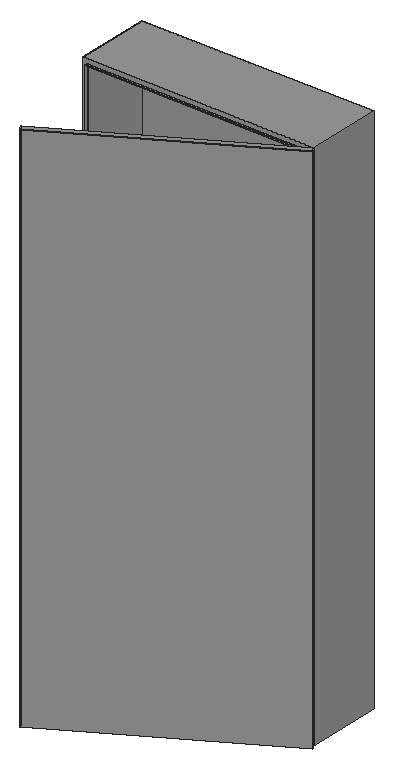
Revit family "Hager-Univers-IP41-D275-H1850-Cl.I-Steel_encl-NoHosted-PL-en", category Equipement électrique, Revit 2020
Family settings
  Configuration du panneau = Deux colonnes, circuits au sein
  Cote de connecteur circulaire = Utiliser le diamètre
  Type d'élément = Tableau de raccordement
  Basée sur le plan de construction = Oui
  Toujours verticalement = Oui
  Couper avec des vides une fois chargée = Non
  Partagée = Non
  Point de calcul de pièce = Non
Parameters (values of type "Surface mounted (plaster) IP41 W800 H1850 D275  - FS23E")
  Width Control [instance] = if([EF000008 - Width] > Min Width, [EF000008 - Width], Min Width)  # 800 mm
  Commentaires du type = [HG000003 - Range]  # "Univers"
  Thickness Door [instance] = if([EF009171 - Material plate thickness door/cover] > 3 mm, 3 mm, [EF009171 - Material plate thickness door/cover])  # 1.5 mm
  Seal Frame Offset [instance] = 17 mm  # constant formula
  Plinth Visibility [instance] = [HG000027 - Plinth height] > 0 mm  # no
  Min Width [instance] = 100 mm  # constant formula
  Min Depth [instance] = (2 * [EF009170 - Material plate thickness cabinet]) + 1 mm  # 4 mm
  Min Height [instance] = 100 mm  # constant formula
  Internal Frame Depth [instance] = (Door System Depth * 0.5)  # 9 mm
  Panel Name [instance] = ""  # (empty or 0)
  Model = ""
  HG000027 - Plinth height = 0 mm
  HG000026 - Floor standing = no
  HG000024 - Bottom section height = 600 mm
  HG000023 - Double section enclosure = no
  HG000016 - Door 3d visibility [instance] = yes
  HG000015 - Clearance visibility [instance] = no
  HG000014 - Door on the right [instance] = yes
  HG000013 - Door on the left [instance] = not([HG000014 - Door on the right])  # no
  HG000012 - Door swing angle [instance] = 30.00°
  HG000010 - Asymmetric doors = no
  HG000009 - Double swing door = no
  HG000006 - Flush mounted = no
  HG000004 - Manufacturer reference = "FS23E"
  HG000003 - Range = "Univers"
  HG000002 - With door or cover = yes
  Frame Offset Bottom [instance] = 10 mm  # constant formula
  Frame Offset [instance] = 15 mm  # constant formula
  EF015940 - Cover with overpressure release = no
  EF011959 - Degree of protection (NEMA) = ""
  EF009554 - Number of openings for flange plates = 6
  EF009212 - Cover model = "EV000116 - Closed"
  EF009171 - Material plate thickness door/cover = 1.5 mm
  EF009170 - Material plate thickness cabinet = 1.5 mm
  EF008873 - Nominal current (In) = 630 A
  EF007800 - Suitable for lightning protection = no
  EF006306 - With lock = no
  EF006244 - Transparent cover/door = no
  EF005474 - Degree of protection (IP) = "EV006416 - IP41"
  EF004464 - Type of door = "EV002646 - Single"
  EF004427 - Number of modules = 432
  EF004293 - Impact strength = "EV006813 - IK07"
  EF003532 - Suitable for outdoor use = no
  EF002950 - Width in number of modular spacings = 24
  EF001613 - Circuit integrity = "EV000494 - None"
  EF001596 - Material housing = "EV000179 - Steel"
  EF001131 - Internal depth = 275 mm
  EF001088 - Extension possible = yes
  EF000437 - Number of conduit inlets = 6
  EF000339 - Type of cover = "EV004216 - Door"
  EF000266 - Number of rows = 12
  EF000218 - Built-in depth = 0 mm
  EF000118 - With mounting plate = no
  EF000116 - RAL-number = "7035"
  EF000049 - Depth = 275 mm
  EF000040 - Height = 1850 mm
  EF000008 - Width = 800 mm
  EF000007 - Colour = "EV000270 - Grey"
  EF000003 - Mounting method = "EV000384 - Surface mounted (plaster)"
  Door System Leaf Tolerance [instance] = 1.5 mm  # constant formula
  Door System Depth [instance] = 18 mm  # constant formula
  Door Height [instance] = Height Control - [HG000027 - Plinth height]  # 1850 mm
  Description = ""
  Default Elevation = 1219.2 mm
  Connector Offset [instance] = Height Control / 2  # 925 mm
  Fabricant = "Hager"  # constant formula
  Height Control [instance] = if([EF000040 - Height] > Min Height, [EF000040 - Height], Min Height)  # 1850 mm
  Depth Control [instance] = if([EF000049 - Depth] > Min Depth, [EF000049 - Depth], Min Depth)  # 275 mm
  Bottom Top Plate Trim [instance] = 1.5 mm  # constant formula
  Plinth height Ctrl [instance] = if([HG000027 - Plinth height] > 0 mm, [HG000027 - Plinth height], 12 mm)  # 12 mm
Types (5, lengths in mm): name | Width Control | HG000009 - Double swing door | HG000004 - Manufacturer reference | EF009554 - Number of openings for flange plates | EF004464 - Type of door | EF004427 - Number of modules | EF000437 - Number of conduit inlets | EF000008 - Width
  Surface mounted (plaster) IP41 W1050 H1850 D275  - FS24E | 1050 | yes | "FS24E" | 8 | "EV003602 - Double" | 576 | 8 | 1050
  Surface mounted (plaster) IP41 W1300 H1850 D275  - FS25E | 1300 | yes | "FS25E" | 10 | "EV003602 - Double" | 720 | 10 | 1300
  Surface mounted (plaster) IP41 W300 H1850 D275  - FS21E | 300 | no | "FS21E" | 2 | "EV002646 - Single" | 144 | 2 | 300
  Surface mounted (plaster) IP41 W550 H1850 D275  - FS22E | 550 | no | "FS22E" | 4 | "EV002646 - Single" | 288 | 4 | 550
  Surface mounted (plaster) IP41 W800 H1850 D275  - FS23E | 800 | no | "FS23E" | 6 | "EV002646 - Single" | 432 | 6 | 800
Reference planes
  plane 1 "Center (Front/Back)": y = 0
  plane 2: z = 0
  plane 3 "Center (Left/Right)": x = 0
  plane 4: y = 0
  plane 5: y = 0
  plane 6: z = 0
  plane 7: x = -400
  plane 8: x = 400
  plane 9: x = 398.5
  plane 10: x = -398.5
  plane 11: z = 0
  plane 12: z = 1.5
  plane 13: y = -275
  plane 14: y = -1.5
  plane 15: x = 0
  plane 16: y = -257
  plane 17: y = -273.5
  plane 18: y = -255.5
  plane 19: x = -383.5
  plane 20: x = 383.5
  plane 21: z = 11.5
  plane 22: x = -383
  plane 23: x = 383
  plane 24: z = 0
  plane 25: z = 1850
  plane 26: z = 1850
  plane 27: z = 1833.5
  plane 28: z = 1848.5
Forms (mm)
  Extrusion 1, solid, material "Hager_Steel_RAL7035_Light_Grey", detail levels medium+fine
    sketch origin (-208.679, -4572, 0) x (-1, 0, 0) y (0, -1, 0)
      loop
        line (191.321, -4315) -> (-608.679, -4315) -> (-608.679, -4572) -> (191.321, -4572) -> (191.321, -4315)
    from 0 to 1850
  Extrusion 2, void
    sketch origin (-350.771, -275, 1219.2) x (1, 0, 0) y (0, 0, 1)
      loop
        line (-47.729, 629.3) -> (-47.729, -1217.7) -> (749.271, -1217.7) -> (749.271, 629.3) -> (-47.729, 629.3)
    from -19.5 to -273.5
  Extrusion 3, void
    sketch origin (-290.084, -257, 1219.2) x (1, 0, 0) y (0, 0, 1)
      loop
        line (-93.416, -1207.7) -> (673.584, -1207.7) -> (673.584, 614.3) -> (-93.416, 614.3) -> (-93.416, -1207.7)
    from 0 to -1.5
  Extrusion 4, solid, material "Hager_Steel_RAL7035_Light_Grey", visible <- "Plinth Visibility", detail levels medium+fine
    sketch origin (0, 0, 0) x (1, 0, 0) y (0, 1, 0)
      loop
        line (-400, 0) -> (-400, -257) -> (400, -257) -> (400, 0) -> (-400, 0)
    from 0 to 12 <- "Plinth height Ctrl"
  Extrusion 5, solid, material "Hager_Steel_RAL7035_Light_Grey", detail levels coarse
    sketch origin (0, 0, 0) x (1, 0, 0) y (0, 1, 0)
      loop
        line (-400, 0) -> (-400, -275) -> (400, -275) -> (400, 0) -> (-400, 0)
    from 0 to 1850 <- "Height Control"
  Sweep 6, void
    path in 3D
      loop
        line (-400, -257, 12) -> (400, -257, 12) -> (400, 0, 12) -> (-400, 0, 12) -> (-400, -257, 12)
    profile origin (-400, -128.5, 12) x (1, 0, 0) y (0, 0, 1)
      loop
        line (0, 0) -> (0, -1.5) -> (1.5, -1.5)
        arc (1.5, -1.5) -> (1.061, -0.439) -> (0, 0) r 1.5
  Extrusion 7, solid, material "Hager_Steel_RAL7035_Light_Grey", detail levels fine
    sketch origin (-400, -257, 0) x (1, 0, 0) y (0, 0, 1)
      loop
        line (16.5, 11.5) -> (783.5, 11.5) -> (783.5, 1833.5) -> (16.5, 1833.5) -> (16.5, 11.5)
      loop
        line (15, 10) -> (785, 10) -> (785, 1835) -> (15, 1835) -> (15, 10)
    from 0 to 9 <- "Internal Frame Depth"
Cuts and joins
  Extrusion 2, Extrusion 3 cuts Extrusion 1
  Sweep 6 cuts Extrusion 4
Lines and regions (mm)
  Masking region 1
    outline origin (0, 0, 0) x (1, 0, 0) y (0, 1, 0)
      loop
        line (-400, 0) -> (-400, -275) -> (400, -275) -> (400, 0) -> (-400, 0)
  Masking region 2, detail levels coarse
    outline origin (-290.084, -257, 1219.2) x (-1, 0, 0) y (0, 0, 1)
      loop
        line (-690.084, -1219.2) -> (109.916, -1219.2) -> (109.916, 630.8) -> (-690.084, 630.8) -> (-690.084, -1219.2)
  Masking region 3, detail levels coarse
    outline origin (0, 0, 0) x (0, 1, 0) y (0, 0, 1)
      loop
        line (0, 0) -> (0, 1850) -> (-275, 1850) -> (-275, 0) -> (0, 0)
  Masking region 4, visible <- "Plinth Visibility", detail levels medium+fine
    outline origin (0, 0, 0) x (0, 1, 0) y (0, 0, 1)
      loop
        line (-1.5, 12) -> (-255.5, 12)
        arc (-255.5, 12) -> (-255.939, 10.939) -> (-257, 10.5) r 1.5
        line (-257, 10.5) -> (-257, 0) -> (0, 0) -> (0, 10.5)
        arc (0, 10.5) -> (-1.061, 10.939) -> (-1.5, 12) r 1.5
  Masking region 5, detail levels medium+fine
    outline origin (0, 0, 594.038) x (0, 1, 0) y (0, 0, 1)
      loop
        line (0, -594.038) -> (0, 1255.962) -> (-257, 1255.962) -> (-257, -594.038) -> (0, -594.038)
  Masking region 6, detail levels medium+fine
    outline origin (-359.7, -257, 1211.883) x (-1, 0, 0) y (0, 0, 1)
      loop
        line (-759.7, -1211.883) -> (40.3, -1211.883) -> (40.3, 638.117) -> (-759.7, 638.117) -> (-759.7, -1211.883)
  Masking region 7, visible <- "Plinth Visibility", detail levels medium+fine
    outline origin (-320.334, -257, 1041.368) x (-1, 0, 0) y (0, 0, 1)
      loop
        line (-720.334, -1041.368) -> (79.666, -1041.368) -> (79.666, -1030.868)
        arc (79.666, -1030.868) -> (78.606, -1030.429) -> (78.166, -1029.368) r 1.5
        line (78.166, -1029.368) -> (-718.834, -1029.368)
        arc (-718.834, -1029.368) -> (-719.273, -1030.429) -> (-720.334, -1030.868) r 1.5
        line (-720.334, -1030.868) -> (-720.334, -1041.368)
  sketch lines
    curve 1: line (-400, 0, 12) -> (-400, -257, 12)
    curve 2: line (-400, -257, 12) -> (400, -257, 12)
    curve 3: line (400, 0, 12) -> (-400, 0, 12)
    curve 4: line (400, -257, 12) -> (400, 0, 12)
Dimensions and locks
  locked: plane 1 "Center (Front/Back)" to plane 5
  "EF009170 - Material plate thickness cabinet": plane 7 to plane 10
  "EF009170 - Material plate thickness cabinet": plane 8 to plane 9
  equal spacing: plane 7, plane 3 "Center (Left/Right)", plane 8
  "Width Control": plane 7 to plane 8
  "Depth Control": plane 4 to plane 13
  "EF009170 - Material plate thickness cabinet": plane 4 to plane 14
  "Height Control": plane 25 to level
  "HG000027 - Plinth height": plane 11 to level
  "EF009170 - Material plate thickness cabinet": plane 12 to plane 11
  "EF009170 - Material plate thickness cabinet": plane 17 to plane 13
  "EF009170 - Material plate thickness cabinet": plane 18 to plane 16
  "Frame Offset Bottom": plane 21 to plane 12
  "Frame Offset": plane 10 to plane 19
  "Frame Offset": plane 9 to plane 20
  "Door System Depth": plane 16 to plane 13
  "Seal Frame Offset": plane 7 to plane 22
  "Seal Frame Offset": plane 8 to plane 23
  "EF009170 - Material plate thickness cabinet": plane 26 to plane 28
  "Frame Offset": plane 28 to plane 27
  "Connector Offset": plane 2 to connector elem
  "Bottom Top Plate Trim": profile plane to Sweep 6 sketch curve
  "Bottom Top Plate Trim": Sweep 6 sketch curve to Sweep 6 sketch curve
  "Plinth height Ctrl": Masking region 4 sketch curve to level
  "Plinth height Ctrl": Masking region 7 sketch curve to level
  "Thickness Door": Extrusion 7 sketch curve to Extrusion 7 sketch curve  (x4)
  "Bottom Top Plate Trim": radius of Sweep 6 sketch curve
  "Bottom Top Plate Trim": radius of Masking region 4 sketch curve  (x2)
  "Bottom Top Plate Trim": radius of Masking region 7 sketch curve  (x2)
  aligned and locked: Extrusion 2 sketch curve to plane 12
  aligned and locked: Extrusion 2 sketch curve to plane 9
  aligned and locked: Extrusion 2 sketch curve to plane 10
  aligned and locked: Extrusion 2 to plane 14
  aligned and locked: Extrusion 1 sketch curve to plane 4
  aligned and locked: plane 8 to Extrusion 1 sketch curve
  aligned and locked: plane 7 to Extrusion 1 sketch curve
  aligned and locked: Extrusion 2 to plane 18
  aligned and locked: Extrusion 3 sketch curve to plane 19
  aligned and locked: plane 20 to Extrusion 3 sketch curve
  aligned and locked: Extrusion 3 to Extrusion 2
  aligned and locked: Extrusion 3 sketch curve to plane 21
  aligned and locked: plane 3 "Center (Left/Right)" to nested 1
  aligned and locked: Extrusion 1 sketch curve to plane 16
  aligned and locked: Extrusion 4 sketch curve to cut or joined group of Extrusion 1, Extrusion 2, Extrusion 3
  aligned and locked: Masking region 1 sketch curve to plane 7
  aligned and locked: Masking region 1 sketch curve to plane 5
  aligned and locked: Masking region 1 sketch curve to plane 8
  aligned and locked: Masking region 2 sketch curve to level
  aligned and locked: level to Masking region 3 sketch curve
  aligned and locked: plane 1 "Center (Front/Back)" to Masking region 3 sketch curve
  aligned and locked: plane 13 to Masking region 3 sketch curve
  aligned and locked: plane 5 to Masking region 4 sketch curve
  aligned and locked: Masking region 2 sketch curve to plane 8
  aligned and locked: Masking region 2 sketch curve to plane 7
  aligned and locked: plane 7 to nested 2
  aligned and locked: nested 2 to plane 5
  aligned and locked: plane 5 to Masking region 5 sketch curve
  aligned and locked: plane 26 to Masking region 5 sketch curve
  aligned and locked: Extrusion 5 sketch curve to plane 8
  aligned and locked: Extrusion 5 sketch curve to plane 7
  aligned and locked: Extrusion 5 sketch curve to plane 5
  aligned and locked: Extrusion 3 sketch curve to plane 27
  aligned and locked: Extrusion 2 sketch curve to plane 28
  aligned and locked: Masking region 2 to plane 25
  aligned and locked: Extrusion 4 to plane 16
  aligned and locked: profile plane to Sweep 6 sketch curve
  aligned and locked: Masking region 5 sketch curve to plane 24
  aligned and locked: level to Masking region 4 sketch curve
  aligned and locked: Masking region 1 to plane 13
  aligned and locked: nested 1 to plane 16
  aligned and locked: Masking region 3 to plane 25
  aligned and locked: plane 16 to Masking region 4 sketch curve
  aligned and locked: Masking region 5 sketch curve to plane 16
  aligned and locked: plane 24 to plane 11
  aligned and locked: plane 26 to plane 25
  aligned and locked: plane 26 to cut or joined group of Extrusion 1, Extrusion 2, Extrusion 3
  aligned and locked: nested 1 to plane 24
  aligned and locked: Extrusion 1 to Extrusion 3
  aligned and locked: Masking region 6 sketch curve to plane 8
  aligned and locked: Masking region 6 sketch curve to plane 24
  aligned and locked: Masking region 6 sketch curve to plane 7
  aligned and locked: Masking region 6 sketch curve to plane 26
  aligned and locked: Masking region 7 sketch curve to plane 7
  aligned and locked: level to Masking region 7 sketch curve
  aligned and locked: Masking region 7 sketch curve to plane 8
  aligned and locked: Extrusion 7 sketch curve to cut or joined group of Extrusion 1, Extrusion 2, Extrusion 3  (x4)
Automatic sketch dimensions
  plane 19 to Extrusion 3 sketch curve = 0 mm
  Extrusion 3 sketch curve to plane 20 = 0 mm
  Extrusion 3 sketch curve to plane 21 = 0 mm
  Extrusion 4 sketch curve to plane 7 = 0 mm
  Extrusion 4 sketch curve to plane 8 = 0 mm
  Extrusion 4 sketch curve to plane 16 = 0 mm
  Masking region 1 sketch curve to plane 13 = 0 mm
  Masking region 2 sketch curve to plane 25 = 0 mm
  Masking region 3 sketch curve to plane 25 = 0 mm
  Extrusion 5 sketch curve to plane 13 = 0 mm
  profile plane to Sweep 6 sketch curve = 0 mm
Nested families
  nested 1: "EC000058_Univers_Door" at (0, -257, 0), Double <- "HG000009 - Double swing door", Transparent <- "EF006244 - Transparent cover/door", Angle <- "HG000012 - Door swing angle", Door_Right <- "HG000014 - Door on the right", Assymetrical <- "HG000010 - Asymmetric doors", Door <- "HG000002 - With door or cover", Width_Ctrl <- "Width Control", 3d_Door <- "HG000016 - Door 3d visibility", Clearance <- "HG000015 - Clearance visibility", Door_Left <- "HG000013 - Door on the left", Width <- "Width Control", Door_Depth <- "Door System Depth", Leaf_Tolerance <- "Door System Leaf Tolerance", Height <- "Door Height", Lock_Visibility <- "EF006306 - With lock", Thickness <- "Thickness Door", type "EC000058_Univers_Door", detail levels medium+fine
    with min_wh 4 mm, Width_Ctrl 800 mm, Width 800 mm, Transparent no, Thickness 1.5 mm, Seal_Material Hager_Rubber, Lock_Visibility no, Lock_Material Hager_Plastic_RAL9005_Jet_Black, Leaf_Width 800 mm, Leaf_Tolerance_External_Sides 0 mm, Leaf_Tolerance 1.5 mm, Leaf_Offset 0 mm, Leaf_Height 1847 mm, Leaf_2_Width 800 mm, Leaf_2_Offset 400 mm, Leaf_1_Width 800 mm, Leaf_1_Offset 400 mm, Height_Ctrl 1850 mm, Height 1850 mm, Glass_Material Hager_Glass, Double_Clearance_Ctrl no, Double no, Door_Right_Ctrl yes, Door_Right yes, Door_Material Hager_Steel_RAL7035_Light_Grey, Door_Left_Ctrl no, Door_Left no, Door_Depth 18 mm, Door yes, Clearance_Material Hager_Clearance, Clearance_Depth 800 mm, Clearance_Ctrl no, Clearance no, Assymetrical no, Angle 30.00°, 3d_Door yes
  nested 2: "Hager_Enclosure_Symbol" at (-400, 0, 0), Height <- "Depth Control", Width <- "Width Control", type "Hager_Enclosure_Symbol"
    with Width_Ctrl 800 mm, Width 800 mm, Height_Ctrl 275 mm, Height 275 mm, A_Width_Int 18.047 mm, A_Width 216.562 mm, A_Height_Ctrl 240.625 mm, A_Height 240.625 mm
Connectors
  electrical at (0, 0, 925)
    settings: on plane 1 "Center (Front/Back)", index 1, voltage 0 V, apparent load 0 VA, apparent load phase1 0 VA, apparent load phase2 0 VA, apparent load phase3 0 VA, power factor 1, load classification "Other", number of poles 1, system type 30, power factor state 1, is connector primary yes, connector utility no, sub classification motor no, connector description ""
Definition of nested family "EC000058_Univers_Door"
  Parameters (values of type "EC000058_Univers_Door")
    min_wh [instance] = (2 * Thickness) + 1 mm  # 11 mm
    Width_Ctrl [instance] = 400 mm
    Width [instance] = 500 mm
    Transparent [instance] = yes
    Thickness [instance] = 5 mm
    Seal_Material [instance] = none
    Lock_Visibility [instance] = yes
    Lock_Material [instance] = none
    Leaf_Width [instance] = if((Width_Ctrl - 2 * Leaf_Tolerance_External_Sides) > 0 mm, (Width_Ctrl - 2 * Leaf_Tolerance_External_Sides), min_wh)  # 400 mm
    Leaf_Tolerance_External_Sides [instance] = 0 mm  # constant formula
    Leaf_Tolerance [instance] = 1.5 mm
    Leaf_Offset [instance] = 0 mm  # constant formula
    Leaf_Height [instance] = if((Height_Ctrl - 2 * Leaf_Tolerance) > 0 mm, (Height_Ctrl - 2 * Leaf_Tolerance), min_wh)  # 497 mm
    Leaf_2_Width [instance] = if(and(and(Double, Assymetrical), Door_Left), (Leaf_Width / 3) - (Leaf_Tolerance / 2), if(and(and(Double, Assymetrical), Door_Right), (Leaf_Width / 3) * 2 - (Leaf_Tolerance / 2), if(and(Double, not(Assymetrical)), (Leaf_Width / 2) - Leaf_Tolerance, Leaf_Width)))  # 400 mm
    Leaf_2_Offset [instance] = if(and(Double, Assymetrical), Leaf_2_Width / 2, if(and(Double, not(Assymetrical)), Leaf_Width / 4, Leaf_Width / 2))  # 200 mm
    Leaf_1_Width [instance] = if(and(and(Double, Assymetrical), Door_Right), (Leaf_Width / 3) - (Leaf_Tolerance / 2), if(and(and(Double, Assymetrical), Door_Left), (Width / 3) * 2 - (Leaf_Tolerance / 2), if(and(Double, not(Assymetrical)), (Leaf_Width / 2) - Leaf_Tolerance, Leaf_Width)))  # 400 mm
    Leaf_1_Offset [instance] = if(and(Double, Assymetrical), Leaf_1_Width / 2, if(and(Double, not(Assymetrical)), Leaf_Width / 4, Leaf_Width / 2))  # 200 mm
    Height_Ctrl [instance] = if(Height > min_wh, Height, min_wh)  # 500 mm
    Height [instance] = 500 mm
    Glass_Material [instance] = none
    Double_Clearance_Ctrl [instance] = and(Double, Clearance)  # no
    Double [instance] = no
    Door_Right_Ctrl [instance] = and(or(Door_Right, Double), Door)  # yes
    Door_Right [instance] = yes
    Door_Material [instance] = none
    Door_Left_Ctrl [instance] = and(or(Door_Left, Double), Door)  # no
    Door_Left [instance] = no
    Door_Depth [instance] = 30 mm
    Door [instance] = yes
    Default Elevation = 1219.2 mm
    Clearance_Material [instance] = none
    Clearance_Depth [instance] = if(Leaf_1_Width > Leaf_2_Width, Leaf_1_Width, Leaf_2_Width)  # 400 mm
    Clearance_Ctrl [instance] = and(not(Double), Clearance)  # yes
    Clearance [instance] = yes
    Assymetrical [instance] = yes
    Angle [instance] = 30.00°
    3d_Door [instance] = yes
  Reference planes
    plane 1 "Center (Front/Back)": y = 0
    plane 2 "Bottom": z = 0
    plane 3 "Center (Left/Right)": x = 0
    plane 4: z = 500
    plane 5: x = -200
    plane 6: x = 200
    plane 7: z = 500
    plane 8: x = -200
    plane 9: z = 0
    plane 10: x = 200
    plane 11: y = 0
    plane 12: z = 1.5
    plane 13: x = -600
    plane 14: y = -400
    plane 15: x = 600
    plane 16: x = 0
    plane 17: x = 0
    plane 18: x = -200
    plane 19: x = 200
    plane 20: z = 498.5
  Forms (mm)
    Extrusion 1, solid, material <- "Clearance_Material", visible <- "Double_Clearance_Ctrl"
      sketch origin (1200, 0, 0) x (1, 0, 0) y (0, 0, -1)
        loop
          line (-1800, -498.5) -> (-600, -498.5) -> (-600, 0) -> (-1800, 0) -> (-1800, -498.5)
      from 0 to -400
  Dimensions and locks
    equal spacing: plane 5, plane 3 "Center (Left/Right)", plane 6
    "Width_Ctrl": plane 5 to plane 6
    "Leaf_Offset": plane 5 to plane 8
    "Leaf_Offset": plane 6 to plane 10
    "Leaf_Offset": plane 9 to level
    "Leaf_Offset": plane 4 to plane 7
    "Height_Ctrl": plane 4 to level
    "Leaf_Tolerance": plane 12 to plane 9
    locked: plane 11 to plane 1 "Center (Front/Back)"
    "Leaf_1_Offset": plane 18 to plane 16
    "Leaf_2_Offset": plane 17 to plane 19
    "Leaf_1_Width": plane 13 to plane 8
    "Leaf_2_Width": plane 10 to plane 15
    "Clearance_Depth": plane 14 to plane 1 "Center (Front/Back)"
    "Leaf_Tolerance_External_Sides": plane 8 to plane 18
    "Leaf_Tolerance_External_Sides": plane 19 to plane 10
    "Leaf_Tolerance": plane 7 to plane 20
    aligned and locked: level to plane 2 "Bottom"
    aligned and locked: nested 1 to plane 16
    aligned and locked: nested 2 to plane 17
    aligned and locked: Extrusion 1 to plane 13
    aligned and locked: plane 15 to Extrusion 1
    aligned and locked: Extrusion 1 to plane 14
    aligned and locked: plane 12 to nested 1
    aligned and locked: nested 2 to plane 12
    aligned and locked: Extrusion 1 to plane 11
    aligned and locked: plane 20 to Extrusion 1
    aligned and locked: nested 2 to plane 11
    aligned and locked: nested 1 to plane 11
  Automatic sketch dimensions
    Extrusion 1 sketch curve to level = 0 mm
    plane 5 to Extrusion 1 sketch curve = 400 mm
    plane 6 to Extrusion 1 sketch curve = 400 mm
    Extrusion 1 sketch curve to plane 4 = 1.5 mm
  Nested families
    nested 1: "EC000058_Univers_Door_Leaf" at (0, 0, 1.5), Width <- "Leaf_1_Width", visible <- "Door_Left_Ctrl", Leaf_Height <- "Leaf_Height", Angle <- "Angle", 3d_Door <- "3d_Door", Transparent <- "Transparent", Clearance Material <- "Clearance_Material", Clearance <- "Clearance_Ctrl", Door_Material <- "Door_Material", Glass_Material <- "Glass_Material", Door_Depth <- "Door_Depth", Lock_Material <- "Lock_Material", Seal_Material <- "Seal_Material", Lock_Visibility <- "Lock_Visibility", Thickness <- "Thickness", type "EC000058_Univers_Door_Leaf"
      with Width 400 mm, Transparent_Glass_Offset 30 mm, Transparent_Ctrl yes, Transparent yes, Thickness 5 mm, Standard no, Seal_Material none, Seal_D2 8 mm, Seal_D1 1 mm, Offset_Internal_Frame 10 mm, Lock_Width 20 mm, Lock_Visibility_3d yes, Lock_Visibility yes, Lock_Thickness_3 3 mm, Lock_Thickness_2 1 mm, Lock_Thickness_1 3 mm, Lock_Radius_Offset_2 16 mm, Lock_Radius_Offset_1 15 mm, Lock_Radius_2 5 mm, Lock_Radius 6 mm, Lock_Offset 5 mm, Lock_Material none, Lock_Height 80 mm, Lock_Cover_Top_Offset_2d 17 mm, Lock_Cover_Height -65 mm, Leaf_Height 497 mm, Internal_Seal_Thickness 8 mm, Internal_Seal_Depth_2 4.5 mm, Internal_Frame_Depth 25 mm, Glass_Thickness -1 mm, Glass_Offset -2 mm, Glass_Material none, Door_Material none, Door_Depth 30 mm, Clearance Material none, Clearance yes, Angle_Ctrl 30.00°, Angle 30.00°, 3d_Door yes
    nested 2: "EC000058_Univers_Door_Leaf" at (0, 0, 1.5) x (-1, 0, 0) z (0, 0, 1), Width <- "Leaf_2_Width", visible <- "Door_Right_Ctrl", Leaf_Height <- "Leaf_Height", Angle <- "Angle", 3d_Door <- "3d_Door", Transparent <- "Transparent", Clearance Material <- "Clearance_Material", Clearance <- "Clearance_Ctrl", Door_Material <- "Door_Material", Glass_Material <- "Glass_Material", Door_Depth <- "Door_Depth", Lock_Material <- "Lock_Material", Seal_Material <- "Seal_Material", Lock_Visibility <- "Lock_Visibility", Thickness <- "Thickness", type "EC000058_Univers_Door_Leaf"
      with Width 400 mm, Transparent_Glass_Offset 30 mm, Transparent_Ctrl yes, Transparent yes, Thickness 5 mm, Standard no, Seal_Material none, Seal_D2 8 mm, Seal_D1 1 mm, Offset_Internal_Frame 10 mm, Lock_Width 20 mm, Lock_Visibility_3d yes, Lock_Visibility yes, Lock_Thickness_3 3 mm, Lock_Thickness_2 1 mm, Lock_Thickness_1 3 mm, Lock_Radius_Offset_2 16 mm, Lock_Radius_Offset_1 15 mm, Lock_Radius_2 5 mm, Lock_Radius 6 mm, Lock_Offset 5 mm, Lock_Material none, Lock_Height 80 mm, Lock_Cover_Top_Offset_2d 17 mm, Lock_Cover_Height -65 mm, Leaf_Height 497 mm, Internal_Seal_Thickness 8 mm, Internal_Seal_Depth_2 4.5 mm, Internal_Frame_Depth 25 mm, Glass_Thickness -1 mm, Glass_Offset -2 mm, Glass_Material none, Door_Material none, Door_Depth 30 mm, Clearance Material none, Clearance yes, Angle_Ctrl 30.00°, Angle 30.00°, 3d_Door yes
  Definition of nested family "EC000058_Univers_Door_Leaf"
    Parameters (values of type "EC000058_Univers_Door_Leaf")
      Width [instance] = 2000 mm
      Transparent_Glass_Offset [instance] = 30 mm
      Transparent_Ctrl [instance] = and(Transparent, [3d_Door])  # yes
      Transparent [instance] = yes
      Thickness [instance] = 5 mm
      Standard [instance] = and(not(Transparent), [3d_Door])  # no
      Seal_Material [instance] = none
      Seal_D2 [instance] = 8 mm  # constant formula
      Seal_D1 [instance] = 1 mm  # constant formula
      Offset_Internal_Frame [instance] = 10 mm  # constant formula
      Lock_Width [instance] = 20 mm  # constant formula
      Lock_Visibility_3d [instance] = and(Lock_Visibility, [3d_Door])  # yes
      Lock_Visibility [instance] = yes
      Lock_Thickness_3 [instance] = 3 mm  # constant formula
      Lock_Thickness_2 [instance] = 1 mm  # constant formula
      Lock_Thickness_1 [instance] = 3 mm  # constant formula
      Lock_Radius_Offset_2 [instance] = Lock_Radius_Offset_1 + 1 mm  # 16 mm
      Lock_Radius_Offset_1 [instance] = 15 mm  # constant formula
      Lock_Radius_2 [instance] = Lock_Radius - 1 mm  # 5 mm
      Lock_Radius [instance] = 6 mm  # constant formula
      Lock_Offset [instance] = 5 mm  # constant formula
      Lock_Material [instance] = none
      Lock_Height [instance] = 80 mm  # constant formula
      Lock_Cover_Top_Offset_2d [instance] = Lock_Radius_Offset_2 + 1 mm  # 17 mm
      Lock_Cover_Height [instance] = -(Lock_Height - Lock_Radius_Offset_1)  # -65 mm
      Leaf_Height [instance] = 2720.336 mm
      Internal_Seal_Thickness [instance] = 8 mm  # constant formula
      Internal_Seal_Depth_2 [instance] = 4.5 mm  # constant formula
      Internal_Frame_Depth [instance] = if(Door_Depth - Thickness > 5 mm, Door_Depth - Thickness, 5 mm)  # 25 mm
      Glass_Thickness [instance] = if(Thickness > 15 mm, Glass_Offset + 10 mm, -1 mm)  # -1 mm
      Glass_Offset [instance] = if(Thickness > 15 mm, -(Thickness + 10 mm) / 2, -2 mm)  # -2 mm
      Glass_Material [instance] = none
      Door_Material [instance] = none
      Door_Depth [instance] = 30 mm
      Default Elevation = 0 mm
      Clearance Material [instance] = none
      Clearance [instance] = yes
      Angle_Ctrl [instance] = if(Angle > 180.00°, 180.00°, Angle)  # 90.00°
      Angle [instance] = 90.00°
      3d_Door [instance] = yes
    Reference planes
      plane 1 "Center (Front/Back)": y = 0
      plane 2: z = 0
      plane 3 "Center (Left/Right)": x = 0
      plane 4: y = 2000
      plane 5: x = -1000
      plane 6: x = 1000
      plane 7: x = -3000
      plane 8: z = 2720.336
      plane 9: z = 30
      plane 10: z = 2690.336
      plane 11: x = 970
      plane 12: x = -970
      plane 13: y = -3
      plane 14: z = 107.833
      plane 15: y = -5
      plane 16: y = -223.314
      plane 17: x = -1000
      plane 18: z = 1360.168
      plane 19: y = 30
    Forms (mm)
      Extrusion 1, solid, material <- "Clearance Material", visible <- "Clearance"
        sketch origin (0, 0, 0) x (1, 0, 0) y (0, 0, 1)
          loop
            line (-3000, 2720.336) -> (-3000, 0) -> (1000, 0) -> (1000, 2720.336) -> (-3000, 2720.336)
        from 0 to -2000
      Extrusion 2, solid, material <- "Door_Material", visible <- "Standard", detail levels medium+fine
        sketch origin (-1000, 0, 0) x (0, 1, 0) y (-1, 0, 0)
          loop
            line (0, 30) -> (0, 25) -> (2000, 25) -> (2000, 30) -> (0, 30)
        from 0 to 2720.336 <- "Leaf_Height"
      Extrusion 3, solid, material <- "Door_Material", visible <- "Transparent_Ctrl", detail levels medium+fine
        sketch origin (-1000, 0, 0) x (0, 1, 0) y (-1, 0, 0)
          loop
            line (0, 25) -> (2000, 25) -> (2000, 30) -> (0, 30) -> (0, 25)
        from 0 to 2720.336 <- "Leaf_Height"
      Extrusion 4, void
        sketch origin (-1025, 2000, 0) x (0, 1, 0) y (0, 0, -1)
          loop
            line (-30, -2690.336) -> (-30, -30) -> (-1970, -30) -> (-1970, -2690.336) -> (-30, -2690.336)
        from 0 to 5 <- "Thickness"
      Sweep 5, solid, material <- "Seal_Material", visible <- "Transparent_Ctrl", detail levels fine
        path in 3D
          loop
            line (-1025, 30, 30) -> (-1025, 30, 2690.336) -> (-1025, 1970, 2690.336) -> (-1025, 1970, 30) -> (-1025, 30, 30)
        profile origin (-1025, 1000, 30) x (1, 0, 0) y (0, 0, 1)
          loop
            line (0, 0) -> (0, -8) -> (1, -8) -> (1, 0) -> (0, 0)
      Extrusion 6, solid, material <- "Glass_Material", visible <- "Transparent_Ctrl", detail levels medium+fine
        sketch origin (-1030, 0, 0) x (0, 1, 0) y (0, 0, -1)
          loop
            line (1970, -2690.336) -> (1970, -30) -> (30, -30) -> (30, -2690.336) -> (1970, -2690.336)
        from -2 <- "Glass_Offset" to -1 <- "Glass_Thickness"
      Extrusion 7, solid, material <- "Door_Material", visible <- "3d_Door", detail levels medium+fine
        sketch origin (-1025, 2000, 0) x (0, -1, 0) y (0, 0, -1)
          loop
            line (0, -2720.336) -> (2000, -2720.336) -> (2000, 0) -> (0, 0) -> (0, -2720.336)
          loop
            line (1995, -5) -> (5, -5) -> (5, -2715.336) -> (1995, -2715.336) -> (1995, -5)
        from 0 to 25 <- "Internal_Frame_Depth"
      Sweep 8, solid, material <- "Seal_Material", visible <- "Transparent_Ctrl", detail levels fine
        path in 3D
          loop
            line (-1025, 0, 0) -> (-1025, 2000, 0) -> (-1025, 2000, 2720.336) -> (-1025, 0, 2720.336) -> (-1025, 0, 0)
        profile origin (-1025, 0, 1360.168) x (1, 0, 0) y (0, 1, 0)
          loop
            line (0, 10) -> (2.975, 10)
            arc (2.975, 10) -> (4.053, 10.447) -> (4.5, 11.525) r 1.525
            line (4.5, 11.525) -> (4.5, 16.527)
            arc (4.5, 16.527) -> (4.069, 17.569) -> (3.027, 18) r 1.473
            line (3.027, 18) -> (0, 18) -> (0, 10)
      Extrusion 9, solid, material <- "Lock_Material", visible <- "Lock_Visibility_3d", detail levels fine
        sketch origin (-1030, 0, 0) x (0, 1, 0) y (0, 0, -1)
          loop
            arc (1993.5, -1400.168) -> (1994.561, -1399.729) -> (1995, -1398.668) r 1.5
            line (1995, -1398.668) -> (1995, -1320.168) -> (1975, -1320.168) -> (1975, -1398.668)
            arc (1975, -1398.668) -> (1975.439, -1399.729) -> (1976.5, -1400.168) r 1.5
            line (1976.5, -1400.168) -> (1993.5, -1400.168)
        from 3 <- "Lock_Thickness_1" to 0
      Blend 10, solid, material <- "Lock_Material", visible <- "Lock_Visibility_3d", detail levels fine
        base sketch origin (-1033, 0, 0) x (0, 1, 0) y (0, 0, -1)
          loop
            line (1975, -1320.168) -> (1975, -1398.668)
            arc (1975, -1398.668) -> (1975.439, -1399.729) -> (1976.5, -1400.168) r 1.5
            line (1976.5, -1400.168) -> (1993.5, -1400.168)
            arc (1993.5, -1400.168) -> (1994.561, -1399.729) -> (1995, -1398.668) r 1.5
            line (1995, -1398.668) -> (1995, -1320.168) -> (1975, -1320.168)
        top sketch origin (-1033, 0, 0) x (0, 1, 0) y (0, 0, -1)
          loop
            line (1976, -1320.168) -> (1976, -1398.668)
            arc (1976, -1398.668) -> (1976.146, -1399.022) -> (1976.5, -1399.168) r 0.5
            line (1976.5, -1399.168) -> (1993.5, -1399.168)
            arc (1993.5, -1399.168) -> (1993.854, -1399.022) -> (1994, -1398.668) r 0.5
            line (1994, -1398.668) -> (1994, -1320.168) -> (1976, -1320.168)
        from 0 to 1 <- "Lock_Thickness_2"
      Blend 11, solid, material <- "Lock_Material", visible <- "Lock_Visibility_3d", detail levels fine
        base sketch origin (-1034, 0, 0) x (0, 1, 0) y (0, 0, -1)
          loop
            line (1978, -1320.168) -> (1978, -1384.168)
            arc (1978, -1384.168) -> (1985, -1391.168) -> (1992, -1384.168) r 7
            line (1992, -1384.168) -> (1992, -1320.168) -> (1978, -1320.168)
        top sketch origin (-1034, 0, 0) x (0, 1, 0) y (0, 0, -1)
          loop
            line (1991, -1320.168) -> (1979, -1320.168) -> (1979, -1383.168)
            arc (1979, -1383.168) -> (1985, -1389.168) -> (1991, -1383.168) r 6
            line (1991, -1383.168) -> (1991, -1320.168)
        from 0 to 3 <- "Lock_Thickness_3"
      Extrusion 12, solid, material <- "Lock_Material", visible <- "Lock_Visibility_3d", detail levels fine
        sketch origin (-1030, 1975, 1320.168) x (1, 0, 0) y (0, -1, 0)
          loop
            line (-7, -19) -> (-7, -1) -> (0, -1) -> (0, 0) -> (-8, 0) -> (-8, -20) -> (0, -20) -> (0, -19) -> (-7, -19)
        from 0 to -65 <- "Lock_Cover_Height"
      Extrusion 13, void
        sketch origin (-1038, 1995, 1320.168) x (-1, 0, 0) y (0, 0, -1)
          loop
            line (-5, -65) -> (0, -65) -> (-5, -60) -> (-5, -65)
        from 0 to 20 <- "Lock_Width"
      Extrusion 14, void
        sketch origin (-1038, 1975, 1320.168) x (0, -1, 0) y (0, 0, -1)
          loop
            circle (-10, -15.995) r 6
          loop
            circle (-10, -15.995) r 5
        from 0 to 2
      Extrusion 15, solid, material <- "Lock_Material", visible <- "Lock_Visibility_3d", detail levels medium
        sketch origin (-1030, 0, 0) x (0, 1, 0) y (0, 0, -1)
          loop
            arc (1993.5, -1400.168) -> (1994.561, -1399.729) -> (1995, -1398.668) r 1.5
            line (1995, -1398.668) -> (1995, -1320.168) -> (1975, -1320.168) -> (1975, -1398.668)
            arc (1975, -1398.668) -> (1975.439, -1399.729) -> (1976.5, -1400.168) r 1.5
            line (1976.5, -1400.168) -> (1993.5, -1400.168)
        from 8 to 0
    Cuts and joins
      Extrusion 4 cuts Extrusion 3
      Extrusion 13, Extrusion 14 cuts Extrusion 9
      Extrusion 14 cuts Blend 11
      Extrusion 13, Extrusion 14 cuts Extrusion 12
      joined: Extrusion 9, Blend 10, Blend 11, Extrusion 12
      Extrusion 14 cuts Extrusion 15
    Lines and regions (mm)
      Masking region 1, visible <- "Lock_Visibility", detail levels fine
        outline origin (0, 0, 0) x (0, 1, 0) y (0, 0, 1)
          loop
            line (30, 1320.168) -> (33, 1320.168) -> (33, 1400.168) -> (30, 1400.168) -> (30, 1320.168)
      Masking region 2, visible <- "Lock_Visibility", detail levels fine
        outline origin (0, 3.143, 0) x (0, 1, 0) y (0, 0, 1)
          loop
            line (29.857, 1354.168) -> (30.857, 1354.168) -> (30.857, 1366.168) -> (29.857, 1366.168) -> (29.857, 1354.168)
      Masking region 3, detail levels medium+fine
        outline origin (0, 0, 0) x (0, 1, 0) y (0, 0, 1)
          loop
            line (0, 0) -> (30, 0) -> (30, 2720.336) -> (0, 2720.336) -> (0, 0)
      Masking region 4, detail levels medium+fine
        outline origin (0, 0, 0) x (1, 0, 0) y (0, 0, 1)
          loop
            line (-1000, 2720.336) -> (-1000, 0) -> (1000, 0) -> (1000, 2720.336) -> (-1000, 2720.336)
      Masking region 5, visible <- "Lock_Visibility", detail levels fine
        outline origin (-47.116, 0, 0) x (1, 0, 0) y (0, 0, 1)
          loop
            arc (1024.616, 1399.168) -> (1023.556, 1398.729) -> (1023.116, 1397.668) r 1.5
            line (1023.116, 1397.668) -> (1023.116, 1320.168) -> (1041.116, 1320.168) -> (1041.116, 1397.668)
            arc (1041.116, 1397.668) -> (1040.677, 1398.729) -> (1039.616, 1399.168) r 1.5
            line (1039.616, 1399.168) -> (1024.616, 1399.168)
      Masking region 6, visible <- "Lock_Visibility", detail levels medium+fine
        outline origin (-25, 0, 0) x (1, 0, 0) y (0, 0, 1)
          loop
            arc (1001.5, 1400.168) -> (1000.439, 1399.729) -> (1000, 1398.668) r 1.5
            line (1000, 1398.668) -> (1000, 1320.168) -> (1020, 1320.168) -> (1020, 1398.668)
            arc (1020, 1398.668) -> (1019.561, 1399.729) -> (1018.5, 1400.168) r 1.5
            line (1018.5, 1400.168) -> (1001.5, 1400.168)
      Masking region 7, visible <- "Lock_Visibility", detail levels fine
        outline origin (-73.735, 0, 0) x (1, 0, 0) y (0, 0, 1)
          loop
            line (1051.735, 1382.168) -> (1065.735, 1382.168) -> (1065.735, 1384.168)
            arc (1065.735, 1384.168) -> (1058.735, 1391.168) -> (1051.735, 1384.168) r 7
            line (1051.735, 1384.168) -> (1051.735, 1382.168)
      Masking region 8, visible <- "Lock_Visibility", detail levels fine
        outline origin (-73.735, 0, 0) x (1, 0, 0) y (0, 0, 1)
          loop
            line (1052.735, 1382.168) -> (1064.735, 1382.168) -> (1064.735, 1383.168)
            arc (1064.735, 1383.168) -> (1058.735, 1389.168) -> (1052.735, 1383.168) r 6
            line (1052.735, 1383.168) -> (1052.735, 1382.168)
      Masking region 9, visible <- "Lock_Visibility", detail levels fine
        outline origin (-25, 0, 0) x (1, 0, 0) y (0, 0, 1)
          loop
            line (1020, 1320.168) -> (1020, 1382.168) -> (1000, 1382.168) -> (1000, 1320.168) -> (1020, 1320.168)
      Masking region 10, detail levels medium+fine
        outline origin (0, 0, 0) x (1, 0, 0) y (0, 0, 1)
          loop
            circle (985, 1335.144) r 6
      Masking region 11, detail levels fine
        outline origin (0, 0, 0) x (1, 0, 0) y (0, 0, 1)
          loop
            circle (985, 1335.144) r 5
      Masking region 12, visible <- "Lock_Visibility", detail levels fine
        outline origin (0, 12.767, 0) x (0, 1, 0) y (0, 0, 1)
          loop
            line (20.233, 1320.168) -> (21.233, 1320.168) -> (21.233, 1399.168) -> (20.233, 1400.168) -> (20.233, 1320.168)
      Masking region 13, visible <- "Lock_Visibility", detail levels fine
        outline origin (0, 13.767, -10) x (0, 1, 0) y (0, 0, 1)
          loop
            line (20.233, 1330.168) -> (23.233, 1330.168) -> (23.233, 1399.168) -> (20.233, 1402.168) -> (20.233, 1330.168)
      Masking region 14, visible <- "Lock_Visibility", detail levels fine
        outline origin (0, 12.767, -10) x (0, 1, 0) y (0, 0, 1)
          loop
            line (20.233, 1330.168) -> (25.233, 1330.168) -> (25.233, 1399.305) -> (20.233, 1394.305) -> (20.233, 1330.168)
      Masking region 15, visible <- "Lock_Visibility", detail levels medium
        outline origin (0, 0, 0) x (0, 1, 0) y (0, 0, 1)
          loop
            line (30, 1320.168) -> (38, 1320.168) -> (38, 1400.168) -> (30, 1400.168) -> (30, 1320.168)
      Masking region 16, visible <- "Lock_Visibility", detail levels fine
        outline origin (-1000, 0, 0) x (0, 1, 0) y (-1, 0, 0)
          loop
            line (1975, 30) -> (1995, 30) -> (1995, 38) -> (1975, 38) -> (1975, 30)
          loop
            line (1979, 37) -> (1976, 37) -> (1976, 34) -> (1978, 34) -> (1979, 37)
          loop
            line (1994, 37) -> (1991, 37) -> (1992, 34) -> (1994, 34) -> (1994, 37)
      Masking region 17, visible <- "Lock_Visibility", detail levels medium
        outline origin (-1000, 0, 0) x (0, 1, 0) y (-1, 0, 0)
          loop
            line (1975, 30) -> (1995, 30) -> (1995, 38) -> (1975, 38) -> (1975, 30)
      symbolic lines
        curve 1: line (1000, 0, 0) -> (-3000, 0, 0)
        curve 2: arc (1000, 0, 0) -> (-1000, 2000, 0) -> (-3000, 0, 0) r 2000
        curve 4: line (-1030, 0, 0) -> (-1030, 2000, 0)
      reference lines
        curve 3: line (-1000, 0, 0) -> (-1000, 2000, 0)
      symbolic lines, detail levels medium+fine
        curve 5: line (-1030, 2000, 0) -> (-1025, 2000, 0)
        curve 7: line (-1025, 0, 0) -> (-1030, 0, 0)
        curve 8: line (-1025, 0, 0) -> (-1000, 0, 0)
        curve 9: line (-1000, 0, 0) -> (-1000, 2000, 0)
        curve 10: line (-1000, 2000, 0) -> (-1025, 2000, 0)
      symbolic lines, detail levels fine
        curve 6: line (-1025, 2000, 0) -> (-1025, 0, 0)
      sketch lines
        curve 11: line (-1025, 0, 2720.336) -> (-1025, 0, 0)
        curve 12: line (-1025, 2000, 0) -> (-1025, 0, 0)
        curve 13: line (-1025, 2000, 2720.336) -> (-1025, 2000, 0)
        curve 14: line (-1025, 0, 2720.336) -> (-1025, 2000, 2720.336)
        curve 15: line (-1025, 1970, 30) -> (-1025, 30, 30)
        curve 16: line (-1025, 30, 30) -> (-1025, 30, 2690.336)
        curve 17: line (-1025, 1970, 2690.336) -> (-1025, 1970, 30)
        curve 18: line (-1025, 30, 2690.336) -> (-1025, 1970, 2690.336)
      symbolic lines, visible <- "Transparent", detail levels medium+fine
        curve 19: line (-970, 0, 2690.336) -> (970, 0, 2690.336)
        curve 20: line (-970, 0, 30) -> (-970, 0, 2690.336)
        curve 21: line (970, 0, 30) -> (-970, 0, 30)
        curve 22: line (970, 0, 2690.336) -> (970, 0, 30)
    Dimensions and locks
      "Width": plane 1 "Center (Front/Back)" to plane 4
      equal spacing: plane 5, plane 3 "Center (Left/Right)", plane 6
      "Width": plane 5 to plane 6
      "Width": plane 7 to plane 5
      "Leaf_Height": plane 8 to level
      "Width": curve 5 to curve 3
      "Width": curve 3 to curve 3
      plane 8 to plane 10 = 30 mm
      plane 9 to level = 30 mm
      plane 12 to plane 5 = 30 mm
      plane 6 to plane 11 = 30 mm
      Extrusion 1 to Extrusion 4 sketch curve = 30 mm
      "Transparent_Glass_Offset": curve 3 to Extrusion 4 sketch curve
      "Transparent_Glass_Offset": Extrusion 4 sketch curve to cut or joined group of Extrusion 3, Extrusion 4  (x2)
      cut or joined group of Extrusion 3, Extrusion 4 to Extrusion 6 sketch curve = 30 mm
      "Transparent_Glass_Offset": cut or joined group of Extrusion 3, Extrusion 4 to Extrusion 4 sketch curve
      "Thickness": curve 6 to curve 4
      "Thickness": Extrusion 7 sketch curve to Extrusion 7 sketch curve  (x4)
      "Door_Depth": curve 4 to curve 3
      "Offset_Internal_Frame": profile plane to Sweep 8 sketch curve
      "Internal_Seal_Thickness": Sweep 8 sketch curve to Sweep 8 sketch curve
      "Internal_Seal_Depth_2": profile plane to Sweep 8 sketch curve
      "Seal_D1": profile plane to Sweep 5 sketch curve
      "Seal_D2": profile plane to Sweep 5 sketch curve
      "Thickness": Extrusion 2 sketch curve to Extrusion 2 sketch curve
      equal spacing: Extrusion 9 sketch curve, plane 18, Extrusion 9 sketch curve  (x2)
      equal spacing: Masking region 1 sketch curve, plane 18, Masking region 1 sketch curve
      "Lock_Height": Masking region 1 sketch curve to Masking region 1 sketch curve
      "Lock_Radius": Masking region 2 sketch curve to plane 18 to Masking region 2 sketch curve
      Masking region 2 sketch curve to Masking region 1 = 1 mm
      "Door_Depth": plane 19 to plane 1 "Center (Front/Back)"
      "Lock_Thickness_1": Masking region 1 sketch curve to plane 19
      "Lock_Width": Extrusion 9 sketch curve to Extrusion 9 sketch curve
      "Lock_Height": Extrusion 9 sketch curve to Extrusion 9 sketch curve
      "Lock_Offset": cut or joined group of Extrusion 3, Extrusion 4 to Extrusion 9 sketch curve
      equal spacing: plane 8, plane 18, level
      "Lock_Radius_Offset_1": Blend 11 sketch curve to Blend 10
      locked: Blend 10 to Blend 11 sketch curve at 2  (x2)
      locked: var sketch to Blend 11 sketch curve at 1  (x2)
      "Lock_Radius_Offset_2": Blend 11 sketch curve to Blend 10
      locked: Extrusion 12 sketch curve to Extrusion 12 sketch curve at 1  (x3)
      Masking region 6 sketch curve to Masking region 6 sketch curve = 80 mm
      "Lock_Height": Masking region 6 sketch curve to Masking region 6 sketch curve
      "Lock_Width": Masking region 6 sketch curve to Masking region 6 sketch curve
      locked: Masking region 6 to Masking region 5 sketch curve at 1  (x3)
      locked: Masking region 5 to Masking region 7 sketch curve at 2  (x2)
      "Lock_Radius_Offset_1": Masking region 5 to Masking region 7 sketch curve
      "Lock_Radius_Offset_2": Masking region 5 to Masking region 8 sketch curve
      locked: Masking region 7 to Masking region 8 sketch curve at 1  (x2)
      "Lock_Cover_Top_Offset_2d": Masking region 5 to Masking region 9 sketch curve
      equal spacing: Masking region 9, Masking region 10 sketch curve, Masking region 9
      equal spacing: Masking region 9, Masking region 11 sketch curve, Masking region 9
      Extrusion 15 sketch curve to Extrusion 15 sketch curve = 80 mm
      "Lock_Width": Extrusion 15 sketch curve to Extrusion 15 sketch curve
      "Lock_Height": Extrusion 15 sketch curve to Extrusion 15 sketch curve
      equal spacing: Extrusion 15 sketch curve, plane 18, Extrusion 15 sketch curve
      "Lock_Thickness_3": Masking region 13 sketch curve to Masking region 13 sketch curve
      "Lock_Height": Masking region 12 sketch curve to Masking region 12 sketch curve
      locked: Masking region 13 sketch curve to Masking region 1 at 8
      locked: Masking region 14 sketch curve to Masking region 13 at 1
      locked: Masking region 14 sketch curve to Masking region 1 at 10.863
      "Lock_Height": Masking region 15 sketch curve to Masking region 15 sketch curve
      "Lock_Offset": Extrusion 15 sketch curve to cut or joined group of Extrusion 3, Extrusion 4
      "Lock_Offset": plane 6 to Masking region 6 sketch curve
      radius of Sweep 8 sketch curve = 1.525 mm
      radius of Sweep 8 sketch curve = 1.473 mm
      radius of Extrusion 9 sketch curve = 1.5 mm  (x2)
      "Lock_Radius": radius of Extrusion 14 sketch curve
      "Lock_Radius_2": radius of Extrusion 14 sketch curve
      "Lock_Radius": radius of Masking region 10 sketch curve
      "Lock_Radius_2": radius of Masking region 11 sketch curve
      radius of Extrusion 15 sketch curve = 1.5 mm  (x2)
      "Angle_Ctrl": angle plane 1 "Center (Front/Back)" to curve 3
      locked: Masking region 12 sketch curve to Masking region 12 sketch curve (angle 45.00°)
      locked: Masking region 13 sketch curve to Masking region 13 sketch curve (angle 45.00°)
      locked: Masking region 14 sketch curve to Masking region 14 sketch curve (angle 45.00°)
      aligned and locked: level to plane 2
      aligned and locked: Extrusion 1 to curve 1
      aligned and locked: plane 6 to Extrusion 1
      aligned and locked: Extrusion 1 to plane 1 "Center (Front/Back)"
      aligned and locked: plane 4 to Extrusion 1
      aligned and locked: plane 8 to Extrusion 1
      aligned and locked: curve 7 to Extrusion 2 sketch curve
      aligned and locked: curve 5 to Extrusion 2 sketch curve
      aligned and locked: curve 7 to Extrusion 3 sketch curve
      aligned and locked: Extrusion 3 sketch curve to curve 4
      aligned and locked: Extrusion 3 sketch curve to curve 6
      aligned and locked: Extrusion 3 sketch curve to curve 5
      aligned and locked: curve 9 to curve 3
      aligned and locked: Extrusion 7 sketch curve to cut or joined group of Extrusion 3, Extrusion 4  (x4)
      aligned and locked: plane 17 to curve 3
      aligned and locked: plane 1 "Center (Front/Back)" to curve 3
      aligned and locked: plane 17 to plane 5
      aligned and locked: Sweep 8 sketch curve to profile plane
      aligned and locked: Sweep 5 sketch curve to profile plane  (x2)
      aligned and locked: Masking region 1 to Masking region 2 sketch curve
      aligned and locked: plane 19 to Masking region 1 sketch curve
      aligned and locked: plane 1 "Center (Front/Back)" to Masking region 3 sketch curve
      aligned and locked: plane 19 to Masking region 3 sketch curve
      aligned and locked: level to Masking region 3 sketch curve
      aligned and locked: Masking region 3 sketch curve to plane 8
      aligned and locked: plane 17 to Masking region 4 sketch curve
      aligned and locked: level to Masking region 4 sketch curve
      aligned and locked: Masking region 4 sketch curve to plane 8
      aligned and locked: plane 12 to curve 20
      aligned and locked: plane 10 to curve 19
      aligned and locked: plane 11 to curve 22
      aligned and locked: curve 21 to plane 9
      aligned and locked: Extrusion 2 sketch curve to cut or joined group of Extrusion 3, Extrusion 4
      aligned and locked: Blend 10 sketch curve to Extrusion 9  (x4)
      aligned and locked: Extrusion 9 to Blend 10 sketch curve
      aligned and locked: Blend 10 to Blend 11 sketch curve
      aligned and locked: Extrusion 12 sketch curve to Blend 11
      aligned and locked: Extrusion 12 sketch curve to Extrusion 9  (x4)
      aligned and locked: Masking region 5 sketch curve to Masking region 6
      aligned and locked: Masking region 9 sketch curve to Masking region 6  (x3)
      aligned and locked: Masking region 12 sketch curve to Masking region 1
      aligned and locked: Masking region 13 sketch curve to Masking region 1
      aligned and locked: Masking region 12 to Masking region 14
      aligned and locked: Masking region 14 sketch curve to Masking region 1
      aligned and locked: Masking region 15 sketch curve to Masking region 14
      aligned and locked: Masking region 13 sketch curve to Masking region 12
      aligned and locked: Masking region 16 sketch curve to cut or joined group of Extrusion 14, Extrusion 15  (x4)
      aligned and locked: Masking region 16 sketch curve to cut or joined group of Extrusion 9, Blend 10, Blend 11, Extrusion 12, Extrusion 13, Extrusion 14  (x6)
      aligned and locked: cut or joined group of Extrusion 9, Blend 10, Blend 11, Extrusion 12, Extrusion 13, Extrusion 14 to Masking region 16 sketch curve
      aligned and locked: Masking region 17 sketch curve to cut or joined group of Extrusion 14, Extrusion 15  (x3)
      aligned and locked: Masking region 17 sketch curve to cut or joined group of Extrusion 9, Blend 10, Blend 11, Extrusion 12, Extrusion 13, Extrusion 14
      aligned and locked: Masking region 9 to Masking region 8 sketch curve
      aligned and locked: Masking region 9 to Masking region 7 sketch curve
    Automatic sketch dimensions
      plane 1 "Center (Front/Back)" to curve 2 = 0 mm
      curve 2 to plane 5 = 0 mm
      Extrusion 1 sketch curve to level = 0 mm
      Extrusion 1 sketch curve to plane 7 = 0 mm
      Extrusion 1 sketch curve to plane 6 = 0 mm
      Extrusion 1 sketch curve to plane 8 = 0 mm
      Extrusion 3 to Extrusion 6 sketch curve = 30 mm  (x4)
      Masking region 4 sketch curve to plane 6 = 0 mm
      Blend 10 sketch curve to Extrusion 9 = 1.5 mm
      Blend 10 sketch curve to Extrusion 9 = 1 mm
      Extrusion 13 sketch curve to Extrusion 12 = 0 mm  (x2)
      Extrusion 12 to Extrusion 13 sketch curve = 3 mm
      Extrusion 13 sketch curve to Extrusion 12 = 5 mm
      Extrusion 14 sketch curve to Extrusion 14 sketch curve = 0 mm  (x2)
      Extrusion 14 sketch curve to Extrusion 12 = 10 mm
      Extrusion 14 sketch curve to Extrusion 12 = 15.995 mm
      Masking region 5 sketch curve to Masking region 5 sketch curve = 1.5 mm  (x2)
      Masking region 10 sketch curve to plane 18 = 25.024 mm
      Masking region 11 sketch curve to plane 18 = 25.024 mm
      plane 19 to Masking region 14 sketch curve = 3 mm
      Masking region 16 sketch curve to Masking region 16 sketch curve = 3 mm
      curve 4 to curve 3 = 0 mm
      Blend 10 to Blend 11 sketch curve = 0 mm
      Masking region 6 sketch curve to Masking region 6 sketch curve = 1.5 mm  (x2)
      Masking region 6 sketch curve to plane 18 = 40 mm
      plane 19 to Masking region 12 sketch curve = 3 mm
      Masking region 12 sketch curve to Masking region 12 sketch curve = 1 mm
      Masking region 15 sketch curve to plane 19 = 0 mm
      Masking region 15 sketch curve to plane 18 = 40 mm
      radius of Blend 10 sketch curve to Extrusion 9 = 1 mm
Definition of nested family "Hager_Enclosure_Symbol"
  Parameters (values of type "Hager_Enclosure_Symbol")
    Width_Ctrl [instance] = if(Width > 1 mm, Width, 1 mm)  # 102.27 mm
    Width [instance] = 102.27 mm
    Height_Ctrl [instance] = if(Height > 1 mm, Height, 1 mm)  # 66.5 mm
    A_Width_Int [instance] = if(A_Width / 12 > 2 mm, A_Width / 12, 2 mm)  # 4.364 mm
    A_Width [instance] = if(A_Height_Ctrl * 0.9 > 2 mm, A_Height_Ctrl * 0.9, 2 mm)  # 52.369 mm
    A_Height_Ctrl [instance] = if(A_Height > 2 mm, A_Height, 2 mm)  # 58.188 mm
    Height [instance] = 66.5 mm
    A_Height [instance] = Height - (Height / 8)  # 58.188 mm
  Reference planes
    plane 1 "Centre (avant/arrière)": y = 0
    plane 2: z = 0
    plane 3 "Centre (gauche/droite)": x = 0
    plane 4: x = 52.369
    plane 5: y = 33.042
    plane 6: y = 41.77
    plane 7: y = 66.5
    plane 8: x = 26.184
    plane 9: y = 37.406
    plane 10: x = 102.27
    plane 11: y = 66.5
    plane 12: y = 8.313
  Lines and regions (mm)
    Filled region 1, type "Solid_Black", in view "Niveau de réf."
      outline origin (0, 0, 0) x (1, 0, 0) y (0, 1, 0)
        loop
          line (52.369, 66.5) -> (33.188, 54.536) -> (45.365, 45.006) -> (52.369, 66.5)
    Filled region 2, type "Solid_Black", in view "Niveau de réf."
      outline origin (0, 0, 0) x (1, 0, 0) y (0, 1, 0)
        loop
          line (0, 0) -> (102.27, 0) -> (102.27, 66.5) -> (0, 0)
    detail lines, in view "Niveau de réf."
      curve 1: line (0, 8.313, 0) -> (26.184, 41.77, 0)
      curve 2: line (26.184, 41.77, 0) -> (26.184, 33.042, 0)
      curve 3: line (26.184, 33.042, 0) -> (52.369, 66.5, 0)
  Dimensions and locks
    "A_Width": plane 3 "Centre (gauche/droite)" to plane 4
    equal spacing: plane 3 "Centre (gauche/droite)", plane 8, plane 4
    equal spacing: plane 6, plane 9, plane 5
    equal spacing: curve 3, Filled region 1 sketch curve, Filled region 1 sketch curve
    "Height_Ctrl": plane 1 "Centre (avant/arrière)" to plane 11
    "A_Height_Ctrl": plane 11 to plane 12
    equal spacing: plane 11, plane 9, plane 12
    "A_Width_Int": plane 6 to plane 9
    "Width_Ctrl": plane 3 "Centre (gauche/droite)" to plane 10
    angle Filled region 1 sketch curve to curve 3 = 20.00°
    angle curve 3 to Filled region 1 sketch curve = 20.00°
    locked: curve 3 to Filled region 1 sketch curve (angle 90.00°)
    aligned and locked: plane 10 to Filled region 2
    aligned and locked: plane 11 to Filled region 2 sketch curve
    aligned and locked: plane 10 to Filled region 2 sketch curve
    aligned and locked: plane 3 "Centre (gauche/droite)" to curve 1
    aligned and locked: plane 12 to curve 1
    aligned and locked: plane 7 to plane 11
  Automatic sketch dimensions
    Filled region 1 sketch curve to plane 4 = 0 mm
    Filled region 1 sketch curve to plane 7 = 0 mm
    plane 1 "Centre (avant/arrière)" to Filled region 2 sketch curve = 0 mm
    Filled region 2 sketch curve to plane 3 "Centre (gauche/droite)" = 0 mm
    curve 2 to plane 6 = 0 mm
    curve 2 to plane 8 = 0 mm
    curve 3 to plane 4 = 0 mm
    curve 2 to plane 5 = 0 mm
    curve 3 to plane 7 = 0 mm
